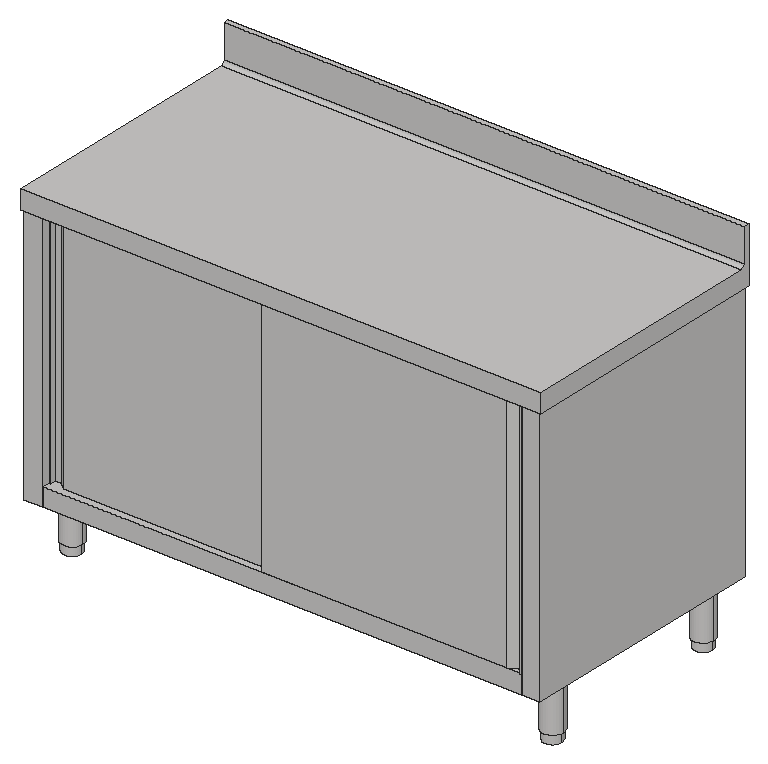
Revit family "QF_ZANUSSI_132864_MS1417N", category Attrezzature speciali, Revit 2020
Family settings
  Quota connettore circolare = Usa diametro
  Tipo di parte = Normale
  Basato su piano di lavoro = No
  Sempre verticale = Sì
  Taglio con vuoti quando caricato = No
  Condiviso = No
  Punto di calcolo locali = No
Parameters (values of type "Standard")
  Weight = 60.00 kg
  Watts = 0 W
  Volts = 0 V
  URL Manufacturer = "http://www.zanussiprofessional.com"
  URL = "http://www.zanussiprofessional.com"
  Steam Supply Size = 0 mm
  Steam Supply Minimum Pressure = 0.0 Pa
  Steam Supply Maximum Pressure = 0.0 Pa
  Steam Consumption per Hour = 0
  Refrigeration Suction Line Size = 0.0 mm
  Refrigeration Liquid Line Size = 0.0 mm
  Refrigerant Compressor Remote = yes
  Prospetto di default = 0.0 mm
  Produttore = "Zanussi"
  Phase = 0
  Modello = "MS1417N"
  Length Actual = 1400.0 mm  # constant formula
  Item Number = "132864"
  Hot Water Size = 0 mm
  Height Actual = 1000.0 mm  # constant formula
  HP = "0 HP"
  Gas Size = 0 mm
  Gas KW = 0
  Gas Input Pressure = 0 W
  Direct Waste Size = 0 mm
  Descrizione = "WORKTOP CUPBOARD WITH UPSTAND 1400MM"
  Depth Actual = 700.0 mm  # constant formula
  Cycle = 0 Hz
  Condensate Return Size = 0 mm
  Compressed Air Volume = 0.0 L/s
  Compressed Air Size = 0 mm
  Compressed Air Pressure = 0.0 Pa
  Cold Water Size = 0 mm
  Accessory = yes
Reference planes
  plane 1 "Center (Front/Back)": y = 0
  plane 2: z = 0
  plane 3 "Center (Left/Right)": x = -200
  plane 4 "LEFT": x = -900
  plane 5 "RIGHT": x = 500
  plane 6 "BACK": y = 350
  plane 7 "FRONT": y = -350
  plane 8 "Base": z = 850
  plane 9 "TOP": z = 900
  plane 10: x = -846.9
  plane 11: x = 446.9
  plane 12: y = 264.5
  plane 13: y = -241.9
  plane 14 "BodyLeft": x = -894.5
  plane 15 "BodyFront": y = -344.5
  plane 16 "BodyRight": x = 494.5
  plane 17 "BodyBack": y = 344.5
  plane 18 "FEET": z = 150
  plane 19: x = -144.5
  plane 20: x = -255.5
Forms (mm)
  Extrusion 1, solid, material "QF_Finishes_Stainless Steel"
    sketch origin (-200, 0, 0) x (0, 1, 0) y (0, 0, 1)
      loop
        line (-350, 850) -> (350, 850) -> (350, 1000) -> (337, 1000) -> (337, 910)
        arc (337, 910) -> (334.071, 902.929) -> (327, 900) r 10
        line (327, 900) -> (-350, 900) -> (-350, 850)
    from 700 to -700
  Extrusion 2, solid, material "QF_Finishes_Stainless Steel"
    sketch origin (0, 0, 150) x (-1, 0, 0) y (0, -1, 0)
      loop
        line (894.5, -344.5) -> (894.5, 344.5) -> (844.5, 344.5) -> (844.5, -344.5) -> (894.5, -344.5)
      loop
        line (-444.5, -344.5) -> (-444.5, 344.5) -> (-494.5, 344.5) -> (-494.5, -344.5) -> (-444.5, -344.5)
    from 0 to 700
  Extrusion 3, solid, material "QF_Finishes_Stainless Steel"
    sketch origin (0, 0, 150) x (-1, 0, 0) y (0, -1, 0)
      loop
        line (843.585, -344.5) -> (843.585, 344.5) -> (-444.5, 344.5) -> (-444.5, -344.5) -> (843.585, -344.5)
    from 0 to 50
  Extrusion 4, solid, material "QF_Finishes_Stainless Steel"
    sketch origin (0, 0, 150) x (-1, 0, 0) y (0, -1, 0)
      loop
        line (843.585, -344.5) -> (843.585, -294.5) -> (-444.5, -294.5) -> (-444.5, -344.5) -> (843.585, -344.5)
    from 50 to 700
  Extrusion 5, solid, material "QF_Finishes_Stainless Steel"
    sketch origin (0, 0, 150) x (-1, 0, 0) y (0, -1, 0)
      loop
        line (-444.5, 344.5) -> (-444.5, 324.5) -> (255.5, 324.5) -> (255.5, 344.5) -> (-404.5, 344.5) -> (-424.5, 329.5) -> (-439.5, 329.5) -> (-439.5, 344.5) -> (-444.5, 344.5)
    from 50 to 700
  Extrusion 6, solid, material "QF_Finishes_Stainless Steel"
    sketch origin (0, 20, 150) x (1, 0, 0) y (0, 1, 0)
      loop
        line (-844.5, -344.5) -> (-839.5, -344.5) -> (-839.5, -329.5) -> (-824.5, -329.5) -> (-804.5, -344.5) -> (-144.5, -344.5) -> (-144.5, -324.5) -> (-844.5, -324.5) -> (-844.5, -344.5)
    from 50 to 700
Lines and regions (mm)
  symbolic lines
    curve 1: line (500, 350, 900) -> (-900, 350, 900)
    curve 2: line (-900, 350, 900) -> (-900, -350, 900)
    curve 3: line (-900, -350, 900) -> (500, -350, 900)
    curve 4: line (500, -350, 900) -> (500, 350, 900)
    curve 5: line (-900, 337, 900) -> (500, 337, 900)
  symbolic lines, style "SpecialityEquipmentHiddenLines"
    curve 6: line (-894.5, -344.5, 150) -> (-894.5, 344.5, 150)
    curve 7: line (-894.5, 344.5, 150) -> (494.5, 344.5, 150)
    curve 8: line (494.5, 344.5, 150) -> (494.5, -344.5, 150)
    curve 9: line (494.5, -344.5, 150) -> (-894.5, -344.5, 150)
    curve 10: line (-844.5, -304.5, 150) -> (-144.5, -304.5, 150)
    curve 11: line (-144.5, -304.5, 150) -> (-144.5, -324.5, 150)
    curve 12: line (444.5, -324.5, 150) -> (-844.5, -324.5, 150)
    curve 13: line (-844.5, -324.5, 150) -> (-844.5, -304.5, 150)
    curve 14: line (-255.5, -344.5, 150) -> (-255.5, -324.5, 150)
Dimensions and locks
  plane 4 "LEFT" to plane 5 "RIGHT" = 1400.0 mm
  equal spacing: plane 4 "LEFT", plane 3 "Center (Left/Right)", plane 5 "RIGHT"
  locked: plane 8 "Base" to level at 850
  locked: Extrusion 1 to level at 1000
  plane 9 "TOP" to level = 900.0 mm
  plane 6 "BACK" to plane 7 "FRONT" = 700.0 mm
  equal spacing: plane 6 "BACK", plane 1 "Center (Front/Back)", plane 7 "FRONT"
  locked: plane 4 "LEFT" to plane 14 "BodyLeft" at 5.5
  locked: plane 16 "BodyRight" to plane 5 "RIGHT" at 5.5
  locked: plane 15 "BodyFront" to plane 7 "FRONT" at 5.5
  locked: plane 6 "BACK" to plane 17 "BodyBack" at 5.5
  locked: plane 14 "BodyLeft" to plane 10 at 47.6
  locked: plane 11 to plane 16 "BodyRight" at 47.6
  locked: plane 13 to plane 15 "BodyFront" at 102.6
  locked: plane 17 "BodyBack" to plane 12 at 80
  plane 10 to plane 11 = 1293.8 mm
  plane 12 to plane 13 = 506.4 mm
  locked: plane 14 "BodyLeft" to Extrusion 2 sketch curve at 50
  locked: Extrusion 2 sketch curve to Extrusion 2 sketch curve at 50
  Extrusion 3 to Extrusion 4 sketch curve = 50.0 mm
  Extrusion 2 to plane 19 = 700.0 mm
  plane 20 to Extrusion 2 = 700.0 mm
  locked: plane 18 "FEET" to level at 150
  aligned and locked: level to plane 2
  aligned and locked: plane 10 to nested 1
  aligned and locked: nested 1 to plane 13
  aligned and locked: plane 11 to nested 2
  aligned and locked: nested 2 to plane 13
  aligned and locked: plane 11 to nested 4
  aligned and locked: nested 4 to plane 12
  aligned and locked: plane 10 to nested 3
  aligned and locked: nested 3 to plane 12
  aligned and locked: Extrusion 1 to plane 4 "LEFT"
  aligned and locked: plane 5 "RIGHT" to Extrusion 1
  aligned and locked: curve 2 to plane 4 "LEFT"
  aligned and locked: plane 17 "BodyBack" to Extrusion 2 sketch curve
  aligned and locked: Extrusion 2 sketch curve to plane 15 "BodyFront"
  aligned and locked: Extrusion 2 sketch curve to plane 14 "BodyLeft"
  aligned and locked: plane 16 "BodyRight" to Extrusion 2 sketch curve
  aligned and locked: Extrusion 2 sketch curve to plane 17 "BodyBack"
  aligned and locked: plane 15 "BodyFront" to Extrusion 2 sketch curve
  aligned and locked: Extrusion 3 sketch curve to plane 17 "BodyBack"
  aligned and locked: plane 15 "BodyFront" to Extrusion 3 sketch curve
  aligned and locked: plane 8 "Base" to Extrusion 2
  aligned and locked: plane 8 "Base" to Extrusion 5
  aligned and locked: Extrusion 5 to Extrusion 3
  aligned and locked: Extrusion 6 sketch curve to plane 19
  aligned and locked: Extrusion 5 sketch curve to plane 20
  aligned and locked: curve 7 to plane 17 "BodyBack"
  aligned and locked: Extrusion 2 to plane 14 "BodyLeft"
  aligned and locked: plane 16 "BodyRight" to curve 8
  aligned and locked: plane 15 "BodyFront" to curve 9
Automatic sketch dimensions
  curve 3 to plane 7 "FRONT" = 0.0 mm
  curve 5 to plane 5 "RIGHT" = 0.0 mm
  curve 4 to plane 6 "BACK" = 0.0 mm
  curve 5 to plane 17 "BodyBack" = 7.5 mm
  Extrusion 1 sketch curve to plane 7 "FRONT" = 0.0 mm
  Extrusion 1 sketch curve to plane 9 "TOP" = 0.0 mm
  Extrusion 1 sketch curve to plane 6 "BACK" = 0.0 mm
  Extrusion 1 sketch curve to plane 8 "Base" = 0.0 mm
  Extrusion 1 sketch curve to plane 17 "BodyBack" = 17.5 mm
  Extrusion 1 sketch curve to plane 17 "BodyBack" = 7.5 mm
  Extrusion 1 sketch curve to Extrusion 1 sketch curve = 90.0 mm
  Extrusion 5 sketch curve to plane 15 "BodyFront" = 0.0 mm  (x2)
  Extrusion 5 sketch curve to plane 11 = 2.4 mm
  Extrusion 5 sketch curve to Extrusion 5 sketch curve = 5.0 mm
  Extrusion 5 sketch curve to Extrusion 5 sketch curve = 15.0 mm
  Extrusion 5 sketch curve to Extrusion 5 sketch curve = 20.0 mm
  plane 15 "BodyFront" to Extrusion 5 sketch curve = 15.0 mm
  plane 15 "BodyFront" to Extrusion 5 sketch curve = 20.0 mm
  Extrusion 6 sketch curve to plane 15 "BodyFront" = 20.0 mm  (x2)
  Extrusion 6 sketch curve to plane 10 = 2.4 mm
  Extrusion 6 sketch curve to Extrusion 6 sketch curve = 5.0 mm
  Extrusion 6 sketch curve to Extrusion 6 sketch curve = 15.0 mm
  Extrusion 6 sketch curve to Extrusion 6 sketch curve = 20.0 mm  (x2)
  Extrusion 6 sketch curve to plane 15 "BodyFront" = 35.0 mm
  Extrusion 3 sketch curve to plane 11 = 2.4 mm
  plane 10 to Extrusion 3 sketch curve = 3.315 mm
  Extrusion 4 sketch curve to plane 11 = 2.4 mm
  plane 10 to Extrusion 4 sketch curve = 3.315 mm
  curve 10 to plane 19 = 0.0 mm
  curve 14 to plane 20 = 0.0 mm
  curve 7 to plane 14 "BodyLeft" = 0.0 mm
  plane 10 to curve 13 = 2.4 mm
  curve 10 to curve 13 = 20.0 mm
  curve 12 to plane 11 = 2.4 mm
  plane 15 "BodyFront" to curve 14 = 20.0 mm
Nested families
  nested 1: "FEET_D58-150" at (-846.9, -241.9, 0), type "FEET_D58-150"
  nested 2: "FEET_D58-150" at (446.9, -241.9, 0), type "FEET_D58-150"
  nested 3: "FEET_D58-150" at (-846.9, 264.5, 0), type "FEET_D58-150"
  nested 4: "FEET_D58-150" at (446.9, 264.5, 0), type "FEET_D58-150"
Definition of nested family "FEET_D58-150"
  Parameters
    Default Elevation = 0.0 mm
    FEET = 150.0 mm
  Reference planes
    plane 1 "Center (Front/Back)": y = 0
    plane 2: z = 0
    plane 3 "Center (Left/Right)": x = 0
    plane 4: z = 150
  Forms (mm)
    Extrusion 1, solid
      sketch origin (0, 0, 0) x (1, 0, 0) y (0, 1, 0)
        loop
          circle (0, 0) r 25
      from 0 to 25
    Extrusion 2, solid
      sketch origin (0, 0, 0) x (1, 0, 0) y (0, 1, 0)
        loop
          circle (0.061, 0) r 29
      from 25 to 150 <- "FEET"
  Lines and regions (mm)
    symbolic lines
      curve 1: line (0, -1.503, 0) -> (0, 1.508, 0)
      curve 2: line (1.561, 0, 0) -> (-1.439, 0, 0)
  Dimensions and locks
    "FEET": plane 4 to plane 2
    aligned and locked: level to plane 2
  Automatic sketch dimensions
    plane 1 "Center (Front/Back)" to Extrusion 1 sketch curve = 0.0 mm
    Extrusion 1 sketch curve to plane 3 "Center (Left/Right)" = 0.0 mm
    plane 1 "Center (Front/Back)" to curve 2 = 0.0 mm
    curve 1 to plane 3 "Center (Left/Right)" = 0.0 mm
    curve 2 to plane 3 "Center (Left/Right)" = 1.439 mm
    plane 3 "Center (Left/Right)" to curve 2 = 1.561 mm
    plane 1 "Center (Front/Back)" to curve 1 = 1.503 mm
    curve 1 to plane 1 "Center (Front/Back)" = 1.508 mm
    plane 1 "Center (Front/Back)" to Extrusion 2 sketch curve = 0.0 mm
    plane 3 "Center (Left/Right)" to Extrusion 2 sketch curve = 0.061 mm
    radius of Extrusion 1 sketch curve = 25.0 mm
    radius of Extrusion 2 sketch curve = 29.0 mm
